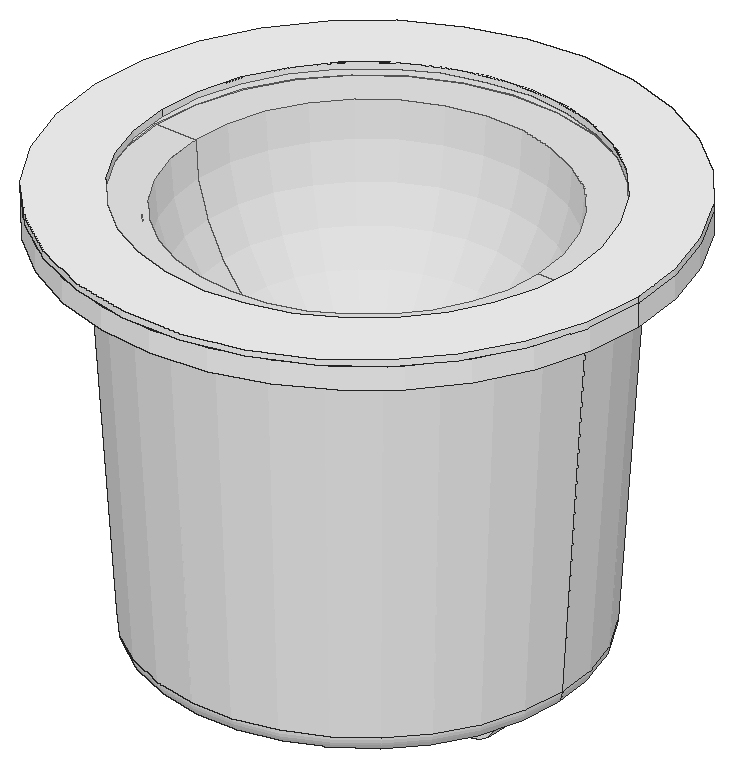
Revit family "2058882 Feilo Sylvania Lighting Fixture MYRD IP ST 2-7K PHDMEM BLK WBEZ", category Lighting Fixtures, host Face, Revit 2017
Family settings
  Host = Face
  Round Connector Dimension = Use Diameter
  Part Type = Normal
  OmniClass Number = 23.80.70.11.17
  OmniClass Title = Specialized Lighting by Location or Use
  Cut with Voids When Loaded = No
  Light Source = Yes
  Shared = No
  Room Calculation Point = No
Parameters
  Weight = "1.44 kg"
  Wattage = 15 W
  WarrantyStartDate [instance] = "n/a"
  WarrantyGuarantorParts = "n/a"
  WarrantyDurationUnit = "n/a"
  WarrantyDurationParts = "n/a"
  WarrantyDescription = "n/a"
  built-in parameter 1150110 = 1 (stored number, unit not read)
  Voltage = 230 V
  URL = "http://www.sylvania-lighting.com"
  TypeName = "MYRD IP ST 2.7K PHDMEM BLK WBEZ"
  Type Image = 0
  Type Comments = ""
  built-in parameter 1114217 = 1 (stored number, unit not read)
  Tilt Angle = -90°
  built-in parameter 1150109 = 1 (stored number, unit not read)
  built-in parameter 1150134 = (empty or 0)
  built-in parameter 1150113 = 1 (stored number, unit not read)
  SerialNumber [instance] = "n/a"
  Reflector Radius = Cutout Diameter / 2 - 2.5 mm  # 35.0 mm
  Reflector Material = Aluminum_Sylvania_Myriad_Bright
  Recessed Depth = Height  # 72.0 mm
  PowerFactor = 0
  PowerConsumption = "15 W"
  Photometric Web File = ""
  NominalWidth = 0.0 mm
  NominalLength = 76.0 mm
  NominalHeight = 72.0 mm
  Name = "MYRD IP ST 2.7K PHDMEM BLK WBEZ"
  ModelReference = "MYRD IP ST 2.7K PHDMEM BLK WBEZ"
  ModelNumber = "2058882"
  Material = "Aluminium"
  ManufacturerName = "Feilo Sylvania"
  LuminousEfficacy = "70 lm/W"
  LuminaireType = "Ceiling recessed"
  LightOutputRatio = "1"
  LampsType = Lamp  # "LED"
  LampNominalLuminous = "1046 lm"
  LampMacAdamStep = "n/a"
  LampColourTemperature = "2700 K"
  LampColourRenderingIndex = "n/a"
  Keynote = "16500"
  Keynote_2 = "16500"
  InstallationDate [instance] = "n/a"
  InputVoltage = "230-240V~"
  InputNominalFrequency = "50/60 Hz"
  IngressProtection = "IP65"
  ImpactProtectionIndex = "IK02"
  IfcExportType = "IfcLightFixtureType"
  IfcExportAs = "IfcLightFixtureType"
  Height = 72.0 mm  # constant formula
  ExpectedLife = 50000
  Emit from Circle Diameter = Accessory Inner Diameter 2  # 68.0 mm
  Emit Shape Visible in Rendering = no
  ElectricShockClassification = "Class II"
  DurationUnit = "hours"
  DocumentationLiterature = "http://www.sylvania-lighting.com/product/en-int/products/2058882"
  DimmingControlOptions = "Dimmable"
  Diffuser Material = Glass_Sylvania_Myriad_Clear_4000K
  Diffuser Diameter = Cutout Diameter  # 75.0 mm
  Cutout Diameter = 75.0 mm  # constant formula
  CreatedOn = "03-11-2017"
  CreatedBy = ""
  Cost = 0
  built-in parameter 1114216 [instance] = 1 (stored number, unit not read)
  built-in parameter 1150142 = (empty or 0)
  Model = "MYRD IP ST 2.7K PHDMEM BLK WBEZ"
  Manufacturer = "Feilo Sylvania"  # constant formula
  built-in parameter 1150105 = 83.556 (stored number, unit not read)
  Lumens = 1050 lm
  built-in parameter 1150115 = 1 (stored number, unit not read)
  built-in parameter 1150137 = (empty or 0)
  built-in parameter 1150139 = (empty or 0)
  built-in parameter 1150112 = 1 (stored number, unit not read)
  built-in parameter 1150114 = 1 (stored number, unit not read)
  Lamp = "LED"
  built-in parameter 1150132 = (empty or 0)
  built-in parameter 1150102 = (empty or 0)
  built-in parameter 1150107 = 2700 (stored number, unit not read)
  built-in parameter 1150138 = (empty or 0)
  built-in parameter 1150106 = 0.83556 (stored number, unit not read)
  built-in parameter 1150104 = 6.5032 (stored number, unit not read)
  Dimming Lamp Color Temperature Shift = (empty or 0)
  Description = "Supplied complete with electronic control gear Compact Fluorescent low energy downlight Emergency version passes through the cut out Ideal for low level orientation lighting New range of Architectural accessories each providing a different lit dimension New completely flush plaster up accessory ring for clean ceiling lines and smooth finish Order lamp separately"  # constant formula
  Default Elevation = 0.0 mm
  Color Filter = 16777215
  built-in parameter 1140040 [instance] = 1
  Body Radius = Reflector Radius + 1.5 mm  # 36.5 mm
  Body Material = Aluminum_Sylvania_Myriad_Gray
  BarCode [instance] = "n/a"
  built-in parameter 1114218 = 1 (stored number, unit not read)
  built-in parameter 1150133 = 10 (stored number, unit not read)
  AssetType = "Fixed"
  AssetIdentifier [instance] = "n/a"
  Assembly Code = "D5020200"
  Apparent Load = 15 VA
  Accessory Material = Aluminum_Sylvania_Myriad_White
  Accessory Inner Diameter 2 = Accessory Diameter - 22.0 mm  # 68.0 mm
  Accessory Inner Diameter 1 = Accessory Diameter - 2.0 mm  # 88.0 mm
  Accessory Diameter = Cutout Diameter + 15.0 mm  # 90.0 mm
Reference planes
  plane 1 "Center (Front/Back)": y = 0
  plane 2: z = 0
  plane 3 "Center (Left/Right)": x = 0
  plane 4: z = 2
  plane 5 "Fixture Bottom": z = 4.5
  plane 6: z = -28.5
  plane 7: z = -61.5
  plane 8 "Fixture Top": z = -67.5
  plane 9: z = 3.5
Forms (mm)
  Revolve 1, solid, material "Aluminum_Sylvania_Myriad_Bright" <- "Reflector Material", detail levels fine
    sketch origin (0, 0, 0) x (1, 0, 0) y (0, 0, 1)
      loop
        line (0, -27.515) -> (-6, -27.515)
        arc (-6, -27.515) -> (-22.333, -16.632) -> (-28.5, 2) r 30.135
        line (-28.5, 2) -> (-35, 2) -> (-35, 0) -> (-29.184, 0)
        arc (-29.184, 0) -> (-22.423, -18.18) -> (-6, -28.5) r 30.204
        line (-6, -28.5) -> (0, -28.5) -> (0, -27.515)
      axis (0, -28.5) -> (0, 2)
    angle from 0 to 360
  Revolve 2, solid, material "Aluminum_Sylvania_Myriad_Gray" <- "Body Material", detail levels fine
    sketch origin (0, 0, 0) x (1, 0, 0) y (0, 0, 1)
      loop
        line (-44, 2) -> (-44, 0) -> (-36.5, 0) -> (-32.42, -58.708)
        arc (-32.42, -58.708) -> (-31.474, -60.694) -> (-29.428, -61.5) r 3
        line (-29.428, -61.5) -> (0, -61.5) -> (0, -28.5) -> (-6, -28.5)
        arc (-6, -28.5) -> (-22.423, -18.18) -> (-29.184, 0) r 30.204
        line (-29.184, 0) -> (-35, 0) -> (-35, 2) -> (-44, 2)
      axis (0, 2) -> (0, -61.5)
    angle from 0 to 360
  Extrusion 3, solid, material "Aluminum_Sylvania_Myriad_Gray" <- "Body Material", detail levels fine
    sketch origin (0, 0, 0) x (1, 0, 0) y (0, 0, 1)
      loop
        line (-13.5, -67.5) -> (21, -67.5)
        arc (21, -67.5) -> (23.828, -66.328) -> (25, -63.5) r 4
        line (25, -63.5) -> (25, -61.5) -> (-17.5, -61.5) -> (-17.5, -63.5)
        arc (-17.5, -63.5) -> (-16.328, -66.328) -> (-13.5, -67.5) r 4
    from -4.5 to 4.5
  Extrusion 4, solid, material "Aluminum_Sylvania_Myriad_White" <- "Accessory Material", detail levels fine
    sketch origin (0, 0, 0) x (1, 0, 0) y (0, 1, 0)
      loop
        circle (0, 0) r 45
      loop
        circle (0, 0) r 44
    from 0 to 3.5
  Extrusion 5, solid, material "Aluminum_Sylvania_Myriad_White" <- "Accessory Material", detail levels fine
    sketch origin (0, 0, 0) x (1, 0, 0) y (0, 1, 0)
      loop
        circle (0, 0) r 45
      loop
        circle (0, 0) r 34
    from 3.5 to 4.5
  Extrusion 6, solid, material "Aluminum_Sylvania_Myriad_White" <- "Accessory Material", detail levels coarse+medium
    sketch origin (0, 0, 0) x (1, 0, 0) y (0, 1, 0)
      loop
        circle (0, 0) r 45
    from 0 to 4.5
  Revolve 7, solid, detail levels coarse+medium
    sketch origin (0, 0, 0) x (1, 0, 0) y (0, 0, 1)
      loop
        line (36.5, 0) -> (0, 0) -> (0, -61.5) -> (32.226, -61.5) -> (36.5, 0)
      axis (0, 0) -> (0, -61.5)
    angle from 0 to 360
  Extrusion 8, void
    sketch origin (0, 0, 0) x (1, 0, 0) y (0, 1, 0)
      loop
        circle (0, 0) r 37.5
    from -67.5 to 0
  Extrusion 9, solid, material "Glass_Sylvania_Myriad_Clear_4000K" <- "Diffuser Material", detail levels fine
    sketch origin (0, 0, 0) x (1, 0, 0) y (0, 1, 0)
      loop
        circle (0, 0) r 37.5
    from 2 to 3.5
Cuts and joins
  joined: Extrusion 4, Extrusion 5
Lines and regions (mm)
  Masking region 1
    outline origin (0, 0, 0) x (1, 0, 0) y (0, 1, 0)
      loop
        circle (0, 0) r 45
  symbolic lines
    curve 1: arc (-34, 0, 0) -> (0, 34, 0) -> (34, 0, 0) r 34
    curve 2: arc (34, 0, 0) -> (0, -34, 0) -> (-34, 0, 0) r 34
Dimensions and locks
  locked: plane 7 to plane 8 "Fixture Top" at 6
  "Body Radius": Revolve 7 sketch curve to plane 3 "Center (Left/Right)"
  locked: Revolve 7 sketch curve to Revolve 7 sketch curve at 4.274
  plane 5 "Fixture Bottom" to plane 9 to plane 4 to plane 2 to plane 6 = 1.0 mm locked, 1.5 mm locked, 2.0 mm locked, 28.5 mm locked
  "Reflector Radius": Revolve 1 sketch curve to plane 3 "Center (Left/Right)"
  Revolve 1 sketch curve to Revolve 1 sketch curve to Revolve 1 sketch curve to Revolve 1 sketch curve = 6.5 mm locked, 22.5 mm locked, 0.0 mm locked
  "Reflector Radius": plane 3 "Center (Left/Right)" to Revolve 2 sketch curve
  Revolve 2 sketch curve to Revolve 2 sketch curve to Revolve 2 sketch curve = 7.5 mm locked, 1.5 mm locked
  Revolve 2 sketch curve to Revolve 2 sketch curve to Revolve 2 sketch curve = 5.816 mm locked, 23.184 mm locked
  Revolve 2 sketch curve to Revolve 2 sketch curve to Revolve 2 sketch curve = 2.58 mm locked, 2.993 mm locked
  "Accessory Diameter": diameter of Extrusion 4 sketch curve
  "Accessory Inner Diameter 1": diameter of Extrusion 4 sketch curve
  "Accessory Diameter": diameter of Extrusion 5 sketch curve
  "Accessory Diameter": diameter of Extrusion 6 sketch curve
  "Cutout Diameter": diameter of Extrusion 8 sketch curve
  "Accessory Inner Diameter 2": diameter of Extrusion 5 sketch curve
  "Diffuser Diameter": diameter of Extrusion 9 sketch curve
  aligned and locked: plane 2 to host face
  aligned and locked: level to host face
  aligned and locked: plane 1 "Center (Front/Back)" to imposter light
  aligned and locked: plane 3 "Center (Left/Right)" to imposter light
  aligned and locked: Revolve 1 sketch curve to imposter light
  aligned and locked: Extrusion 3 sketch curve to plane 8 "Fixture Top"
  aligned and locked: plane 7 to Extrusion 3 sketch curve
  aligned and locked: Extrusion 4 to plane 2
  aligned and locked: plane 9 to Extrusion 4
  aligned and locked: Extrusion 5 to plane 9
  aligned and locked: plane 5 "Fixture Bottom" to Extrusion 5
  aligned and locked: Extrusion 6 to plane 2
  aligned and locked: plane 5 "Fixture Bottom" to Extrusion 6
  aligned and locked: Extrusion 8 to plane 8 "Fixture Top"
  aligned and locked: plane 2 to Extrusion 8
  aligned and locked: Masking region 1 sketch curve to Extrusion 6  (x2)
  aligned and locked: Extrusion 9 to plane 4
  aligned and locked: plane 9 to Extrusion 9
  aligned and locked: plane 4 to Revolve 2 sketch curve
  aligned and locked: Revolve 2 sketch curve to plane 2
  aligned and locked: curve 1 to cut or joined group of Extrusion 4, Extrusion 5
  aligned and locked: curve 2 to cut or joined group of Extrusion 4, Extrusion 5
  aligned and locked: imposter light to plane 5 "Fixture Bottom"
Automatic sketch dimensions
  host sketch curve to host sketch curve = 1305.563 mm
  host sketch curve to host sketch curve = 1283.632 mm
  Extrusion 3 sketch curve to plane 7 = 2.0 mm
  Extrusion 3 sketch curve to plane 3 "Center (Left/Right)" = 13.5 mm
  plane 3 "Center (Left/Right)" to Extrusion 3 sketch curve = 21.0 mm
  Extrusion 3 sketch curve to Extrusion 3 sketch curve = 4.0 mm
  Revolve 1 sketch curve to level = 0.0 mm
  Revolve 1 sketch curve to plane 3 "Center (Left/Right)" = 0.0 mm
  Revolve 1 sketch curve to plane 6 = 0.0 mm
  Revolve 1 sketch curve to plane 4 = 0.0 mm
  Revolve 1 sketch curve to Revolve 1 sketch curve = 0.684 mm
  level to Revolve 1 sketch curve = 0.88 mm
  Revolve 1 sketch curve to plane 4 = 0.363 mm
  Revolve 1 sketch curve to Revolve 1 sketch curve = 0.625 mm
  Revolve 1 sketch curve to plane 8 "Fixture Top" = 232.8 mm
  plane 5 "Fixture Bottom" to Revolve 1 sketch curve = 291.243 mm
  Revolve 2 sketch curve to plane 3 "Center (Left/Right)" = 0.0 mm  (x2)
  Revolve 2 sketch curve to plane 7 = 0.0 mm
  Revolve 2 sketch curve to plane 6 = 0.0 mm
  Revolve 2 sketch curve to level = 0.0 mm
  level to Revolve 2 sketch curve = 0.88 mm
  plane 7 to Revolve 2 sketch curve = 2.792 mm
  Revolve 2 sketch curve to plane 8 "Fixture Top" = 304.774 mm
  plane 5 "Fixture Bottom" to Revolve 2 sketch curve = 1137.105 mm
  Extrusion 4 sketch curve to Extrusion 4 sketch curve = 0.0 mm  (x2)
  plane 1 "Center (Front/Back)" to Extrusion 4 sketch curve = 0.0 mm
  Extrusion 4 sketch curve to plane 3 "Center (Left/Right)" = 0.0 mm
  Extrusion 5 sketch curve to Extrusion 5 sketch curve = 0.0 mm  (x2)
  plane 1 "Center (Front/Back)" to Extrusion 5 sketch curve = 0.0 mm
  Extrusion 5 sketch curve to plane 3 "Center (Left/Right)" = 0.0 mm
  plane 1 "Center (Front/Back)" to Extrusion 6 sketch curve = 0.0 mm
  Extrusion 6 sketch curve to plane 3 "Center (Left/Right)" = 0.0 mm
  Revolve 7 sketch curve to level = 0.0 mm
  Revolve 7 sketch curve to plane 3 "Center (Left/Right)" = 0.0 mm  (x2)
  Revolve 7 sketch curve to plane 7 = 0.0 mm
  Revolve 7 sketch curve to plane 8 "Fixture Top" = 304.774 mm
  plane 5 "Fixture Bottom" to Revolve 7 sketch curve = 43.226 mm
  plane 1 "Center (Front/Back)" to Extrusion 8 sketch curve = 0.0 mm
  Extrusion 8 sketch curve to plane 3 "Center (Left/Right)" = 0.0 mm
  plane 1 "Center (Front/Back)" to Extrusion 9 sketch curve = 0.0 mm
  Extrusion 9 sketch curve to plane 3 "Center (Left/Right)" = 0.0 mm
Connectors
  electrical at (-0.006, -0.019, -67.5), driven by "Apparent Load", driven by "Apparent Load"
    settings: on plane 8 "Fixture Top", index 1, voltage 230 V, apparent load 15 VA, apparent load phase1 15 VA, apparent load phase2 0 VA, apparent load phase3 0 VA, power factor 1, load classification "Lighting", number of poles 1, system type 30, power factor state 1, is connector primary yes, connector utility no, sub classification motor no, connector description ""
